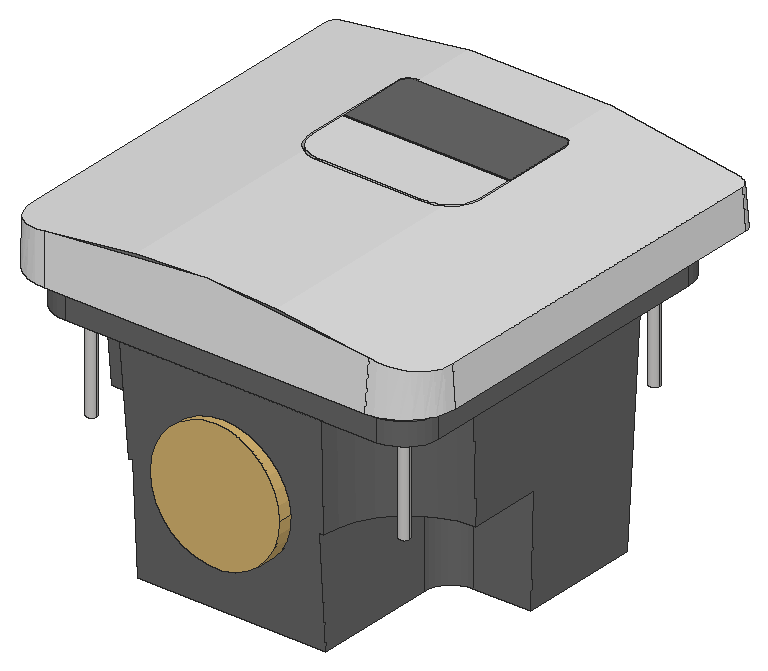
Revit family "Plumbing-Flushometer-Sloan-Valve-TRF-8156_", category Plumbing Fixtures, host Face, Revit 2019
Family settings
  Host = Face
  Round Connector Dimension = Use Diameter
  Part Type = Normal
  OmniClass Number = 23.45.05.14.99
  OmniClass Title = Other Sanitary Washing Plumbing Fixtures
  Cut with Voids When Loaded = Yes
  Shared = No
  Room Calculation Point = No
Parameters (values of type "TRF 8156-1.1-OR")
  z_CL Offset [instance] = if(CL to Finished Wall < MIN CL to Finished Wall, MIN CL to Finished Wall, if(CL to Finished Wall > MAX CL to Finished Wall, MAX CL to Finished Wall, CL to Finished Wall))  # 2"
  z_Array Length = 0"  # constant formula
  Water Outlet Connection Diameter = 1 1/2"  # constant formula
  Water Inlet Connection Diameter = 1 1/2"  # constant formula
  Waste Connection = no
  WFU = 0
  Voltage = 6 V
  Vent Connection = no
  Valve Pressure Drop = 0.00 psi
  URL = "www.sloanvalve.com"
  Type Comments = ""
  Product data url = "https://bimobject.com/sloan_valve/product/flushometers_truflush_trf-8156"
  Product Material = Sloan Valve - Finish - Polished Chrome
  Product Guid = ""
  Power Factor = 1
  Part Number = "34001005"
  Operating Water Pressure = "15 – 80 PSI (103 – 552 kPa)"  # constant formula
  Number of Poles = 1
  z_Array Count = if(z_Hardwired, 3, 2)  # 3
  Model = "TRF 8156-1.1-OR"
  Manufacturer = "Sloan Valve"  # constant formula
  MIN CL to Finished Wall [instance] = 2"  # constant formula
  MAX CL to Finished Wall [instance] = 3"  # constant formula
  Keynote = "15410"
  Height = 6 51/256"  # constant formula
  z_Hardwired = yes
  HWFU = 0
  HW Connection = no
  Flush Rate = "1.1 gpf (4.2 Lpf)"
  Edition number = 1
  Description = "1.1 gpf, Filtered, Polished Chrome Finish, Fixture Connection Rear Spud, Single Flush, Integrated Control Stop, Electrical Override, Battery with Hardwired Option, Sensor-Operated, TruFlush Concealed Sensor Water Closet Flushometer."
  Default Elevation = 0"
  Current = 0 A
  CWFU = 0
  CW Connection = yes
  CL to Finished Wall [instance] = 2"
  Assembly Code = "D2020300"
  Apparent Load = Voltage * Current  # 0 VA
  ADA Compliant [instance] = yes
Types (6): name | Voltage | Product Material | Part Number | z_Array Count | Model | z_Hardwired | Flush Rate | Description
  TRF 8156-1.1-OR | 6 V | Sloan Valve - Finish - Polished Chrome | "34001005" | 3 | "TRF 8156-1.1-OR" | yes | "1.1 gpf (4.2 Lpf)" | "1.1 gpf, Filtered, Polished Chrome Finish, Fixture Connection Rear Spud, Single Flush, Integrated Control Stop, Electrical Override, Battery with Hardwired Option, Sensor-Operated, TruFlush Concealed Sensor Water Closet Flushometer."
  TRF 8156-1.1-SF-OR | 6 V | Sloan Valve - Finish - Brushed Stainless Steel | "34001006" | 3 | "TRF 8156-1.1-SF-OR" | yes | "1.1 gpf (4.2 Lpf)" | "1.1 gpf, Filtered, Brushed Stainless Finish, Fixture Connection Rear Spud, Single Flush, Integrated Control Stop, Electrical Override, Battery with Hardwired Option, Sensor-Operated, TruFlush Concealed Sensor Water Closet Flushometer."
  TRF 8156-1.28-SF-OR | 0 V | Sloan Valve - Finish - Brushed Stainless Steel | "3400116" | 2 | "TRF 8156-1.28-SF-OR" | no | "1.28 gpf (4.8 Lpf)" | "1.28 gpf, Filtered, Brushed Stainless Finish, Fixture Connection Rear Spud, Single Flush, Electrical Override, Battery, TruFlush Concealed Sensor Water Closet Flushometer."
  TRF 8156-1.6-SF-OR | 0 V | Sloan Valve - Finish - Brushed Stainless Steel | "3400115" | 2 | "TRF 8156-1.6-SF-OR" | no | "1.6 gpf (6.0 Lpf)" | "1.6 gpf, Filtered, Brushed Stainless Finish, Fixture Connection Rear Spud, Single Flush, Electrical Override, Battery, TruFlush Concealed Sensor Water Closet Flushometer."
  TRF 8156-1.28-OR | 0 V | Sloan Valve - Finish - Polished Chrome | "3400101" | 2 | "TRF 8156-1.28-OR" | no | "1.28 gpf (4.8 Lpf)" | "1.28 gpf, Filtered, Polished Chrome Finish, Fixture Connection Rear Spud, Single Flush, Electrical Override, Battery, TruFlush Concealed Sensor Water Closet Flushometer."
  TRF 8156-1.6-OR | 0 V | Sloan Valve - Finish - Polished Chrome | "3400100" | 2 | "TRF 8156-1.6-OR" | no | "1.6 gpf (6.0 Lpf)" | "1.6 gpf, Filtered, Polished Chrome Finish, Fixture Connection Rear Spud, Single Flush, Electrical Override, Battery, TruFlush Concealed Sensor Water Closet Flushometer."
Reference planes (in)
  plane 1 "Center (Front/Back)": y = 0
  plane 2: z = 0
  plane 3 "Center (Left/Right)": x = 0
  plane 4 "Hardwired": y = 1.503
  plane 5: x = 0
  plane 6: y = 3.1
  plane 7: y = -3.1
  plane 8: x = -3.1
  plane 9: x = 3.1
  plane 10 "Valve Center": z = -2
  plane 11: z = -3.90039
Forms (in)
  Extrusion 1, solid, material "Sloan Valve - Plastic - Black"
    sketch origin (0, 0, 0) x (1, 0, 0) y (0, 1, 0)
      loop
        circle (0, 1.503) r 0.125
    from 0 to 0.07498
  Extrusion 2, solid, material "Sloan Valve - Plastic - Black"
    sketch origin (0, 0, 0) x (1, 0, 0) y (0, 1, 0)
      loop
        circle (0, 1.503) r 0.125
    from 0 to 0.07498
  Extrusion 3, solid, material "Sloan Valve - Plastic - Black"
    sketch origin (0, 0, 0) x (1, 0, 0) y (0, 1, 0)
      loop
        circle (0, 1.503) r 0.125
    from 0 to 0.07498
  Extrusion 4, void
    sketch origin (0, 0, 0) x (1, 0, 0) y (0, 1, 0)
      loop
        line (3.0392, -2.34612) -> (3.0392, 2.91522)
        arc (3.0392, 2.91522) -> (3.00335, 3.00177) -> (2.91681, 3.03761) r 0.12239
        line (2.91681, 3.03761) -> (-2.92297, 3.03761)
        arc (-2.92297, 3.03761) -> (-3.00515, 3.00357) -> (-3.0392, 2.92138) r 0.11623
        line (-3.0392, 2.92138) -> (-3.0392, -2.34612)
        arc (-3.0392, -2.34612) -> (-2.83843, -2.83082) -> (-2.35373, -3.03159) r 0.68547
        line (-2.35373, -3.03159) -> (2.35373, -3.03159)
        arc (2.35373, -3.03159) -> (2.83843, -2.83082) -> (3.0392, -2.34612) r 0.68547
    from 0 to -3.90039
Cuts and joins
  Extrusion 4 cuts Extrusion 1
  Extrusion 4 cuts Extrusion 2
  Extrusion 4 cuts Extrusion 3
Lines and regions (in)
  model lines, not visible
    curve 1: line (0, 1.378, 0) -> (0, 1.628, 0)
    curve 2: line (-0.125, 1.503, 0) -> (0.125, 1.503, 0)
    curve 3: line (0, 1.378, 0) -> (0, 1.628, 0)
    curve 4: line (-0.125, 1.503, 0) -> (0.125, 1.503, 0)
    curve 5: line (0, 1.378, 0) -> (0, 1.628, 0)
    curve 6: line (-0.125, 1.503, 0) -> (0.125, 1.503, 0)
Dimensions and locks (in)
  equal spacing: group 1, group 2, group 3  (x3)
  "z_Array Length": plane 3 "Center (Left/Right)" to plane 5
  "z_CL Offset": plane 10 "Valve Center" to level
  locked: plane 10 "Valve Center" to plane 11 at 1.90039
  radius of Extrusion 1 sketch curve = 1/8"
  radius of Extrusion 2 sketch curve = 1/8"
  radius of Extrusion 3 sketch curve = 1/8"
  aligned and locked: plane 2 to host face
  aligned and locked: level to host face
  aligned and locked: plane 3 "Center (Left/Right)" to nested 1
  aligned and locked: plane 1 "Center (Front/Back)" to nested 1
  aligned and locked: curve 2 to plane 4 "Hardwired"
  aligned and locked: curve 4 to plane 4 "Hardwired"
  aligned and locked: plane 3 "Center (Left/Right)" to curve 1
  aligned and locked: curve 3 to plane 5
  aligned and locked: Extrusion 4 to plane 11
Automatic sketch dimensions
  host sketch curve to host sketch curve = 96"  (x2)
  curve 2 to curve 1 = 1/8"  (x2)
  curve 1 to curve 2 = 1/8"  (x2)
  curve 4 to curve 3 = 1/8"  (x2)
  curve 3 to curve 4 = 1/8"  (x2)
  curve 6 to curve 5 = 1/8"  (x2)
  curve 5 to curve 6 = 1/8"  (x2)
  Extrusion 4 sketch curve to plane 8 = 0.0608"
  Extrusion 4 sketch curve to Extrusion 4 sketch curve = 0.11623"
  Extrusion 4 sketch curve to Extrusion 4 sketch curve = 0.68547"
  Extrusion 4 sketch curve to plane 9 = 0.74627"
  Extrusion 4 sketch curve to plane 9 = 0.18319"
  Extrusion 4 sketch curve to plane 9 = 0.0608"
  plane 7 to Extrusion 4 sketch curve = 0.06841"
  Extrusion 4 sketch curve to plane 6 = 0.18478"
Nested families (in)
  nested 1: "Geometry" at (0, 0, 0), type "Geometry"
Connectors (in)
  electrical at (0, 1.503, 0), driven by "Number of Poles", driven by "Voltage", driven by "Apparent Load", driven by "Power Factor"
    settings: on Extrusion 3, index 1, voltage 6 V, apparent load 0 VA, apparent load phase1 0 VA, apparent load phase2 0 VA, apparent load phase3 0 VA, power factor 1, load classification "Other", number of poles 1, system type 31, power factor state 1, is connector primary yes, connector utility no, sub classification motor no, connector description "Electrical Connection"
  piping at (0, 3.781, -2), diameter 1.5, driven by "CWFU", driven by "Water Inlet Connection Diameter", driven by "Valve Pressure Drop"
    settings: on nested 1, index 2, connector inside diameter 24", connector length 0", flow factor 0, pipe flow 0 GPM, pressure drop 0.00 psi, fitting loss kfactor 0, connector angle 0.00°, fixture units 0, engagement length 0", angle of deflection 0.00°, flow configuration 3, flow direction 1, fitting loss method 0, system type 20, joint type 0, gender type 0, connector reference index 3, connector utility 0, adjustable connector no, is connector primary yes, connector description "1-1/2” NPT (female) Inlet standard"
  piping at (0, -2.9, -2), diameter 1.5, driven by "Water Outlet Connection Diameter", driven by "CWFU"
    settings: on nested 1, index 3, connector inside diameter 24", connector length 0", flow factor 0, pipe flow 0 GPM, pressure drop 0.00 psi, fitting loss kfactor 0, connector angle 0.00°, fixture units 0, engagement length 0", angle of deflection 0.00°, flow configuration 3, flow direction 2, fitting loss method 0, system type 20, joint type 0, gender type 0, connector reference index 2, connector utility 0, adjustable connector no, is connector primary no, connector description "1-1/2” NPSM Outlet standard"
Definition of nested family "Geometry"
  Parameters (values of type "Geometry")
    Valve Offset = 2"
    URL = ""
    Product Material = none
    Offset = Valve Offset - 1.8"  # 0.2"
    Model = ""
    Manufacturer = ""
    Keynote = ""
    Description = ""
    Default Elevation = 0"
    Assembly Code = ""
  Reference planes (in)
    plane 1 "Center (Front/Back)": y = 0
    plane 2: z = 0
    plane 3 "Center (Left/Right)": x = 0
    plane 4: x = -3.1
    plane 5: x = 3.1
    plane 6: y = -3.1
    plane 7: y = 3.1
    plane 8 "Bottom Part": z = -0.2
    plane 9 "Button": y = 1.503
  Forms (in)
    Extrusion 1, solid
      sketch origin (0, 0, 0) x (1, 0, 0) y (0, 1, 0)
        loop
          line (-48, 48) -> (-48, -48) -> (48, -48) -> (48, 48) -> (-48, 48)
      from 0 to -12
    SweptBlend 2, solid, material <- "Product Material"
      path origin (0, 0, 0) x (0, 1, 0) y (0, 0, 1)
        loop
          line (0, 0) -> (0, 0.95)
      profile origin (0, 0, 0) x (0, -1, 0) y (1, 0, 0)
        loop
          arc (2.35, -3.1) -> (2.88033, -2.88033) -> (3.1, -2.35) r 0.75
          line (3.1, -2.35) -> (3.1, 2.35)
          arc (3.1, 2.35) -> (2.88033, 2.88033) -> (2.35, 3.1) r 0.75
          line (2.35, 3.1) -> (-2.975, 3.1)
          arc (-2.975, 3.1) -> (-3.06339, 3.06339) -> (-3.1, 2.975) r 0.125
          line (-3.1, 2.975) -> (-3.1, -2.975)
          arc (-3.1, -2.975) -> (-3.06339, -3.06339) -> (-2.975, -3.1) r 0.125
          line (-2.975, -3.1) -> (2.35, -3.1)
      end profile origin (0, 0, 0.95) x (0, -1, 0) y (1, 0, 0)
        loop
          arc (2.392, -3.052) -> (2.85869, -2.85869) -> (3.052, -2.392) r 0.66
          line (3.052, -2.392) -> (3.052, 2.392)
          arc (3.052, 2.392) -> (2.85869, 2.85869) -> (2.392, 3.052) r 0.66
          line (2.392, 3.052) -> (-2.929, 3.052)
          arc (-2.929, 3.052) -> (-3.01597, 3.01597) -> (-3.052, 2.929) r 0.123
          line (-3.052, 2.929) -> (-3.052, -2.929)
          arc (-3.052, -2.929) -> (-3.01597, -3.01597) -> (-2.929, -3.052) r 0.123
          line (-2.929, -3.052) -> (2.392, -3.052)
    Extrusion 3, void
      sketch origin (0, 6, 0) x (1, 0, 0) y (0, 0, 1)
        loop
          line (3.1, 0.57778) -> (3.1, 1.19077) -> (-3.1, 1.19077) -> (-3.1, 0.57778)
          arc (-3.1, 0.57778) -> (0, 0.93763) -> (3.1, 0.57778) r 13.53263
      from 2.9 to 9.1
    Extrusion 4, void
      sketch origin (0, 3.052, 0.95) x (1, 0, 0) y (0, -1, 0)
        loop
          line (0.728, 3.14) -> (-0.728, 3.14)
          arc (-0.728, 3.14) -> (-1.09145, 2.98945) -> (-1.242, 2.626) r 0.514
          line (-1.242, 2.626) -> (-1.242, 1.049)
          arc (-1.242, 1.049) -> (-1.20275, 0.95425) -> (-1.108, 0.915) r 0.134
          line (-1.108, 0.915) -> (1.108, 0.915)
          arc (1.108, 0.915) -> (1.20275, 0.95425) -> (1.242, 1.049) r 0.134
          line (1.242, 1.049) -> (1.242, 2.626)
          arc (1.242, 2.626) -> (1.09145, 2.98945) -> (0.728, 3.14) r 0.514
      from 0 to 0.183
    Extrusion 5, solid
      sketch origin (0, 0, 0) x (1, 0, 0) y (0, 1, 0)
        loop
          line (-1.22397, 2.003) -> (-1.22397, 1.003) -> (1.224, 1.003) -> (1.224, 2.003)
          arc (1.224, 2.003) -> (1.18475, 2.09775) -> (1.09, 2.137) r 0.134
          line (1.09, 2.137) -> (-1.08997, 2.137)
          arc (-1.08997, 2.137) -> (-1.18472, 2.09775) -> (-1.22397, 2.003) r 0.134
      from 0.767 to 0.96878
    Extrusion 6, solid, material <- "Product Material"
      sketch origin (0, 0, 0) x (1, 0, 0) y (0, 1, 0)
        loop
          line (-1.22397, 0.97) -> (-1.22397, 0.454)
          arc (-1.22397, 0.454) -> (-1.07664, 0.09833) -> (-0.72097, -0.049) r 0.503
          line (-0.72097, -0.049) -> (0.721, -0.049)
          arc (0.721, -0.049) -> (1.07667, 0.09833) -> (1.224, 0.454) r 0.503
          line (1.224, 0.454) -> (1.224, 0.97) -> (-1.22397, 0.97)
      from 0.767 to 0.97972
    Extrusion 7, solid
      sketch origin (0, 0, -0.2) x (0, -1, 0) y (1, 0, 0)
        loop
          arc (-2.8, -2.3) -> (-2.65355, -2.65355) -> (-2.3, -2.8) r 0.5
          line (-2.3, -2.8) -> (2.3, -2.8)
          arc (2.3, -2.8) -> (2.65355, -2.65355) -> (2.8, -2.3) r 0.5
          line (2.8, -2.3) -> (2.8, 2.3)
          arc (2.8, 2.3) -> (2.65355, 2.65355) -> (2.3, 2.8) r 0.5
          line (2.3, 2.8) -> (-2.3, 2.8)
          arc (-2.3, 2.8) -> (-2.65355, 2.65355) -> (-2.8, 2.3) r 0.5
          line (-2.8, 2.3) -> (-2.8, -2.3)
      from 0 to -0.331
    SweptBlend 8, solid
      path origin (0, 0, 0) x (0, 1, 0) y (0, 0, 1)
        loop
          line (0, -0.531) -> (0, -3.7)
      profile origin (0, 0, -0.531) x (1, 0, 0) y (0, 1, 0)
        loop
          arc (1.487, -2.8) -> (1.84989, -1.92389) -> (2.726, -1.561) r 1.239
          line (2.726, -1.561) -> (2.726, 1.487)
          arc (2.726, 1.487) -> (1.84989, 1.84989) -> (1.487, 2.726) r 1.239
          line (1.487, 2.726) -> (-1.487, 2.726)
          arc (-1.487, 2.726) -> (-1.84989, 1.84989) -> (-2.726, 1.487) r 1.239
          line (-2.726, 1.487) -> (-2.726, -1.561)
          arc (-2.726, -1.561) -> (-1.84989, -1.92389) -> (-1.487, -2.8) r 1.239
          line (-1.487, -2.8) -> (1.487, -2.8)
      end profile origin (0, 0, -3.7) x (1, 0, 0) y (0, 1, 0)
        loop
          arc (2.618, 1.379) -> (1.74189, 1.74189) -> (1.379, 2.618) r 1.239
          line (1.379, 2.618) -> (-1.379, 2.618)
          arc (-1.379, 2.618) -> (-1.74189, 1.74189) -> (-2.618, 1.379) r 1.239
          line (-2.618, 1.379) -> (-2.618, -1.359)
          arc (-2.618, -1.359) -> (-1.74189, -1.72189) -> (-1.379, -2.598) r 1.239
          line (-1.379, -2.598) -> (1.379, -2.598)
          arc (1.379, -2.598) -> (1.74189, -1.72189) -> (2.618, -1.359) r 1.239
          line (2.618, -1.359) -> (2.618, 1.379)
    Extrusion 9, void
      sketch origin (0, 0, -0.2) x (0, -1, 0) y (1, 0, 0)
        loop
          line (0.385, -3.1) -> (3.68016, -3.1) -> (3.68016, 3.1) -> (0.385, 3.1) -> (0.385, 1.779)
          arc (0.385, 1.779) -> (0.50216, 1.49616) -> (0.785, 1.379) r 0.4
          line (0.785, 1.379) -> (2.835, 1.379) -> (2.835, -1.379) -> (0.785, -1.379)
          arc (0.785, -1.379) -> (0.50216, -1.49616) -> (0.385, -1.779) r 0.4
          line (0.385, -1.779) -> (0.385, -3.1)
      from -1.9 to -3.5
    Extrusion 10, solid
      sketch origin (0, 0, 0) x (1, 0, 0) y (0, 1, 0)
        loop
          circle (-2.298, 2.298) r 0.075
        loop
          circle (2.298, 2.298) r 0.075
        loop
          circle (-2.298, -2.298) r 0.075
        loop
          circle (2.298, -2.298) r 0.075
      from 0 to -2
    Extrusion 11, solid
      sketch origin (0, 0, 0) x (1, 0, 0) y (0, 1, 0)
        loop
          line (-2.06091, 2.70093) -> (-2.34152, 2.68623) -> (-2.68447, 2.35504) -> (-2.69983, 2.06201)
          arc (-2.69983, 2.06201) -> (-2.52368, 1.84978) -> (-2.25448, 1.90977) r 0.26441
          line (-2.25448, 1.90977) -> (-1.91153, 2.24096)
          arc (-1.91153, 2.24096) -> (-1.84253, 2.51761) -> (-2.06091, 2.70093) r 0.26906
        loop
          arc (2.06091, 2.70093) -> (1.84253, 2.51761) -> (1.91153, 2.24096) r 0.26906
          line (1.91153, 2.24096) -> (2.25448, 1.90977)
          arc (2.25448, 1.90977) -> (2.52368, 1.84978) -> (2.69983, 2.06201) r 0.26441
          line (2.69983, 2.06201) -> (2.68447, 2.35504) -> (2.34152, 2.68623) -> (2.06091, 2.70093)
        loop
          arc (-2.06091, -2.70093) -> (-1.84253, -2.51761) -> (-1.91153, -2.24096) r 0.26906
          line (-1.91153, -2.24096) -> (-2.25448, -1.90977)
          arc (-2.25448, -1.90977) -> (-2.52368, -1.84978) -> (-2.69983, -2.06201) r 0.26441
          line (-2.69983, -2.06201) -> (-2.68447, -2.35504) -> (-2.34152, -2.68623) -> (-2.06091, -2.70093)
        loop
          line (2.06091, -2.70093) -> (2.34152, -2.68623) -> (2.68447, -2.35504) -> (2.69983, -2.06201)
          arc (2.69983, -2.06201) -> (2.52368, -1.84978) -> (2.25448, -1.90977) r 0.26441
          line (2.25448, -1.90977) -> (1.91153, -2.24096)
          arc (1.91153, -2.24096) -> (1.84253, -2.51761) -> (2.06091, -2.70093) r 0.26906
      from 0 to -0.107
    Extrusion 12, solid
      sketch origin (0, 0, 0) x (1, 0, 0) y (0, 1, 0)
        loop
          arc (0.2805, 2.6767) -> (0, 2.7) -> (-0.2805, 2.6767) r 1.7
          arc (-0.2805, 2.6767) -> (-0.33124, 2.65921) -> (-0.36564, 2.618) r 0.1
          arc (-0.36564, 2.618) -> (-0.51507, 2.56293) -> (-0.65837, 2.49344) r 1.619
          line (-0.65837, 2.49344) -> (-0.62128, 2.42567)
          arc (-0.62128, 2.42567) -> (-0.47818, 2.4974) -> (-0.32823, 2.55342) r 1.494
          arc (-0.32823, 2.55342) -> (-0.30117, 2.58965) -> (-0.25987, 2.6081) r 0.08982
          arc (-0.25987, 2.6081) -> (0, 2.62969) -> (0.25988, 2.6081) r 1.575
          arc (0.25988, 2.6081) -> (0.30117, 2.58965) -> (0.32823, 2.55342) r 0.08982
          arc (0.32823, 2.55342) -> (0.47818, 2.4974) -> (0.62128, 2.42567) r 1.494
          line (0.62128, 2.42567) -> (0.65837, 2.49344)
          arc (0.65837, 2.49344) -> (0.51507, 2.56293) -> (0.36564, 2.618) r 1.619
          arc (0.36564, 2.618) -> (0.33124, 2.65921) -> (0.2805, 2.6767) r 0.1
      from 0 to -0.5
    Extrusion 13, void
      sketch origin (0, 0, 0) x (1, 0, 0) y (0, 1, 0)
        loop
          spline (3.0392, 2.92138) -> (3.0372, 2.93697) -> (3.03331, 2.95218) -> (3.02759, 2.96676) -> (3.02013, 2.98049) -> (3.01105, 2.99314) -> (3.00049, 3.00452) -> (2.98862, 3.01444) -> (2.97563, 3.02275) -> (2.96173, 3.02931) -> (2.94714, 3.03402) -> (2.93208, 3.0368) -> (2.91681, 3.03761)
          line (2.91681, 3.03761) -> (-2.91681, 3.03761)
          spline (-2.91681, 3.03761) -> (-2.93208, 3.0368) -> (-2.94714, 3.03402) -> (-2.96173, 3.02931) -> (-2.97563, 3.02275) -> (-2.98862, 3.01444) -> (-3.00049, 3.00452) -> (-3.01105, 2.99314) -> (-3.02013, 2.98049) -> (-3.02759, 2.96676) -> (-3.03331, 2.95218) -> (-3.0372, 2.93697) -> (-3.0392, 2.92138)
          line (-3.0392, 2.92138) -> (-3.0392, -2.36971)
          spline (-3.0392, -2.36971) -> (-3.02997, -2.45784) -> (-3.00977, -2.544) -> (-2.97892, -2.62678) -> (-2.93794, -2.70484) -> (-2.88748, -2.77691) -> (-2.82838, -2.84181) -> (-2.76158, -2.89848) -> (-2.68819, -2.946) -> (-2.60939, -2.9836) -> (-2.52647, -3.01066) -> (-2.44079, -3.02674) -> (-2.35373, -3.03159)
          line (-2.35373, -3.03159) -> (2.35373, -3.03159)
          spline (2.35373, -3.03159) -> (2.44079, -3.02674) -> (2.52647, -3.01066) -> (2.60939, -2.9836) -> (2.68819, -2.946) -> (2.76158, -2.89848) -> (2.82838, -2.84181) -> (2.88748, -2.77691) -> (2.93794, -2.70484) -> (2.97892, -2.62678) -> (3.00977, -2.544) -> (3.02997, -2.45784) -> (3.0392, -2.36971)
          line (3.0392, -2.36971) -> (3.0392, 2.92138)
      from 0 to 0.07498
    Extrusion 14, solid
      sketch origin (0, 0, 0) x (1, 0, 0) y (0, 1, 0)
        loop
          spline (-2.91681, 3.03761) -> (-2.93208, 3.0368) -> (-2.94714, 3.03402) -> (-2.96173, 3.02931) -> (-2.97563, 3.02275) -> (-2.98862, 3.01444) -> (-3.00049, 3.00452) -> (-3.01105, 2.99314) -> (-3.02013, 2.98049) -> (-3.02759, 2.96676) -> (-3.03331, 2.95218) -> (-3.0372, 2.93697) -> (-3.0392, 2.92138)
          line (-3.0392, 2.92138) -> (-3.0392, -2.36971)
          spline (-3.0392, -2.36971) -> (-3.02997, -2.45784) -> (-3.00977, -2.544) -> (-2.97892, -2.62678) -> (-2.93794, -2.70484) -> (-2.88748, -2.77691) -> (-2.82838, -2.84181) -> (-2.76158, -2.89848) -> (-2.68819, -2.946) -> (-2.60939, -2.9836) -> (-2.52647, -3.01066) -> (-2.44079, -3.02674) -> (-2.35373, -3.03159)
          line (-2.35373, -3.03159) -> (2.35373, -3.03159)
          spline (2.35373, -3.03159) -> (2.44079, -3.02674) -> (2.52647, -3.01066) -> (2.60939, -2.9836) -> (2.68819, -2.946) -> (2.76158, -2.89848) -> (2.82838, -2.84181) -> (2.88748, -2.77691) -> (2.93794, -2.70484) -> (2.97892, -2.62678) -> (3.00977, -2.544) -> (3.02997, -2.45784) -> (3.0392, -2.36971)
          line (3.0392, -2.36971) -> (3.0392, 2.92138)
          spline (3.0392, 2.92138) -> (3.0372, 2.93697) -> (3.03331, 2.95218) -> (3.02759, 2.96676) -> (3.02013, 2.98049) -> (3.01105, 2.99314) -> (3.00049, 3.00452) -> (2.98862, 3.01444) -> (2.97563, 3.02275) -> (2.96173, 3.02931) -> (2.94714, 3.03402) -> (2.93208, 3.0368) -> (2.91681, 3.03761)
          line (2.91681, 3.03761) -> (-2.91681, 3.03761)
      from 0 to 0.07498
    Extrusion 15, solid
      sketch origin (0, 0, 0) x (1, 0, 0) y (0, 0, 1)
        loop
          circle (0, -2) r 0.95
      from 2.9 to -3.781
    Revolve 16, void
      sketch origin (0, 0, 0) x (0, 1, 0) y (0, 0, 1)
        loop
          line (2.75223, -1.05) -> (3.97258, -1.08891) -> (3.97258, -0.83891) -> (2.75223, -0.83891) -> (2.75223, -1.05)
        axis (3.97258, -2) -> (2.75223, -2)
      angle from 0 to 360
    Revolve 17, solid
      sketch origin (0, 0, 0) x (0, 1, 0) y (0, 0, 1)
        loop
          line (-1, -3.9) -> (-0.45, -3.9)
          arc (-0.45, -3.9) -> (-0.32272, -3.84728) -> (-0.27, -3.72) r 0.18
          line (-0.27, -3.72) -> (-0.27, -1.7) -> (0.39, -1.7) -> (0.39, -0.1) -> (-1, -0.1) -> (-1, -3.9)
        axis (-1, -3.9) -> (-1, -0.1)
      angle from 0 to 360
  Cuts and joins
    Extrusion 3, Extrusion 4, Extrusion 13 cuts SweptBlend 2
    Extrusion 3 cuts Extrusion 5
    Extrusion 3 cuts Extrusion 6
    Extrusion 9 cuts SweptBlend 8
    joined: Extrusion 11, Extrusion 12, Extrusion 14
    Revolve 16 cuts Extrusion 15
    joined: Extrusion 15, Revolve 17
  Lines and regions (in)
    Masking region 1
      outline origin (0, 0, 0) x (1, 0, 0) y (0, 0, 1)
        loop
          line (-2.8, -0.2) -> (-2.8, -0.531) -> (-2.726, -0.531) -> (-2.618, -3.7) -> (-0.72989, -3.7)
          arc (-0.72989, -3.7) -> (-0.69151, -3.83837) -> (-0.5612, -3.89867) r 0.17095
          line (-0.5612, -3.89867) -> (0.54249, -3.89867)
          arc (0.54249, -3.89867) -> (0.68297, -3.84048) -> (0.74116, -3.7) r 0.19867
          line (0.74116, -3.7) -> (2.618, -3.7) -> (2.726, -0.531) -> (2.8, -0.531) -> (2.8, -0.2) -> (2.373, -0.2) -> (2.373, -0.107) -> (2.69983, -0.107) -> (2.69983, 0) -> (3.1, 0) -> (3.07046, 0.58469)
          arc (3.07046, 0.58469) -> (0, 0.93763) -> (-3.07046, 0.58469) r 13.53263
          line (-3.07046, 0.58469) -> (-3.1, 0) -> (-2.69983, 0) -> (-2.69983, -0.107) -> (-2.373, -0.107) -> (-2.373, -0.2) -> (-2.8, -0.2)
        loop
          line (-1.39, -0.1) -> (-0.65837, -0.1) -> (-0.65837, 0) -> (-1.82937, 0) -> (-1.82937, -0.107) -> (-2.223, -0.107) -> (-2.223, -0.2) -> (-1.39, -0.2) -> (-1.39, -0.1)
        loop
          line (1.39, -0.1) -> (1.39, -0.2) -> (2.223, -0.2) -> (2.223, -0.107) -> (1.82937, -0.107) -> (1.82937, 0) -> (0.65837, 0) -> (0.65837, -0.1) -> (1.39, -0.1)
    symbolic lines, detail levels medium+fine
      curve 1: circle (0, 0, -2) r 0.95 normal (0, -1, 0)
      curve 4: line (-2.8, 0, -0.531) -> (2.8, 0, -0.531)
      curve 5: line (2.8, 0, -0.2) -> (-2.8, 0, -0.2)
      curve 9: line (-2.618, 0, -3.7) -> (2.618, 0, -3.7)
      curve 13: line (-2.223, 1.503, -2) -> (-2.373, 1.503, -2)
      curve 14: line (2.373, 1.503, -2) -> (2.223, 1.503, -2)
      curve 15: line (-2.373, 1.503, -2) -> (-2.373, 1.503, -0.531)
      curve 16: line (-2.223, 1.503, -2) -> (-2.223, 1.503, -0.531)
      curve 17: line (2.223, 1.503, -2) -> (2.223, 1.503, -0.531)
      curve 18: line (2.373, 1.503, -2) -> (2.373, 1.503, -0.531)
      curve 19: line (-3.1, 1.503, 0) -> (3.1, 1.503, 0)
    symbolic lines, detail levels fine
      curve 2: line (-1.487, 0, -0.531) -> (-1.43353, 0, -2.1)
      curve 3: line (1.43353, 0, -2.1) -> (1.487, 0, -0.531)
      curve 6: line (2.67253, 0, -2.1) -> (1.379, 0, -2.1)
      curve 7: line (-1.379, 0, -3.7) -> (-1.379, 0, -2.1)
      curve 8: line (1.379, 0, -2.1) -> (1.379, 0, -3.7)
      curve 10: line (-1.379, 0, -2.1) -> (-2.67253, 0, -2.1)
      curve 11: line (2.69983, 1.503, -0.107) -> (1.82937, 1.503, -0.107)
      curve 12: line (-1.82937, 1.503, -0.107) -> (-2.69983, 1.503, -0.107)
  Dimensions and locks (in)
    "Offset": level to plane 8 "Bottom Part"
    locked: plane 8 "Bottom Part" to SweptBlend 8 sketch curve at 3.5
    locked: plane 8 "Bottom Part" to SweptBlend 8 sketch curve at 0.331
    locked: plane 8 "Bottom Part" to Extrusion 15 sketch curve at 1.8
    locked: plane 8 "Bottom Part" to Revolve 16 sketch curve at 1.8
    Revolve 17 sketch curve to plane 8 "Bottom Part" = 0.1"
    locked: plane 8 "Bottom Part" to Revolve 17 sketch curve at 3.7
    locked: plane 8 "Bottom Part" to Revolve 17 sketch curve at 1.5
    locked: level to Extrusion 3 sketch curve at 1.19077
    locked: level to Extrusion 3 sketch curve at 0.57778  (x2)
    locked: Masking region 1 sketch curve to Masking region 1 sketch curve at 0.19867
    locked: plane 8 "Bottom Part" to Masking region 1 sketch curve at 3.5
    radius of Extrusion 3 sketch curve = 13.53263"
    aligned and locked: plane 2 to Extrusion 1
    aligned and locked: level to Extrusion 1
    aligned and locked: SweptBlend 2 sketch curve to plane 4
    aligned and locked: plane 7 to SweptBlend 2 sketch curve
    aligned and locked: plane 5 to SweptBlend 2 sketch curve
    aligned and locked: SweptBlend 2 sketch curve to plane 6
    aligned and locked: plane 3 "Center (Left/Right)" to Extrusion 15 sketch curve
    aligned and locked: Masking region 1 sketch curve to plane 8 "Bottom Part"  (x2)
    aligned and locked: Extrusion 7 to Masking region 1 sketch curve
    aligned and locked: Masking region 1 sketch curve to cut or joined group of SweptBlend 8, Extrusion 9  (x3)
    aligned and locked: Masking region 1 sketch curve to Extrusion 7  (x3)
    aligned and locked: Masking region 1 sketch curve to cut or joined group of Extrusion 15, Revolve 16, Revolve 17  (x2)
    aligned and locked: curve 1 to cut or joined group of Extrusion 15, Revolve 16, Revolve 17
    aligned and locked: curve 2 to cut or joined group of SweptBlend 8, Extrusion 9
    aligned and locked: curve 3 to cut or joined group of SweptBlend 8, Extrusion 9
    aligned and locked: curve 4 to Extrusion 7
    aligned and locked: curve 5 to Extrusion 7
    aligned and locked: curve 6 to cut or joined group of SweptBlend 8, Extrusion 9
    aligned and locked: curve 7 to cut or joined group of SweptBlend 8, Extrusion 9
    aligned and locked: curve 8 to cut or joined group of SweptBlend 8, Extrusion 9
    aligned and locked: curve 9 to cut or joined group of SweptBlend 8, Extrusion 9
    aligned and locked: curve 11 to cut or joined group of Extrusion 11, Extrusion 12, Extrusion 14
    aligned and locked: cut or joined group of Extrusion 11, Extrusion 12, Extrusion 14 to Masking region 1 sketch curve  (x5)
    aligned and locked: Extrusion 1 to Masking region 1 sketch curve  (x4)
    aligned and locked: Masking region 1 sketch curve to cut or joined group of SweptBlend 2, Extrusion 3, Extrusion 4, Extrusion 13
    aligned and locked: Masking region 1 sketch curve to cut or joined group of Extrusion 11, Extrusion 12, Extrusion 14
    aligned and locked: Extrusion 10 to curve 13
    aligned and locked: curve 12 to cut or joined group of Extrusion 11, Extrusion 12, Extrusion 14
    aligned and locked: level to curve 19
    aligned and locked: curve 14 to Extrusion 10
    aligned and locked: Extrusion 10 to curve 17
  Automatic sketch dimensions
    Extrusion 1 sketch curve to Extrusion 1 sketch curve = 96"  (x2)
    SweptBlend 2 sketch curve to plane 1 "Center (Front/Back)" = 0"
    SweptBlend 2 sketch curve to level = 0"
    level to SweptBlend 2 sketch curve = 0.95"
    SweptBlend 2 sketch curve to SweptBlend 2 sketch curve = 1/8"  (x2)
    SweptBlend 2 sketch curve to SweptBlend 2 sketch curve = 3/4"  (x2)
    profile plane to SweptBlend 2 sketch curve = 3.052"
    SweptBlend 2 sketch curve to SweptBlend 2 sketch curve = 0.123"  (x2)
    SweptBlend 2 sketch curve to profile plane = 2.392"  (x2)
    SweptBlend 2 sketch curve to SweptBlend 2 sketch curve = 0.66"
    SweptBlend 2 sketch curve to plane 3 "Center (Left/Right)" = 3.052"
    plane 3 "Center (Left/Right)" to SweptBlend 2 sketch curve = 2.392"
    plane 4 to Extrusion 3 sketch curve = 0"
    Extrusion 3 sketch curve to plane 3 "Center (Left/Right)" = 0"
    Extrusion 4 sketch curve to plane 3 "Center (Left/Right)" = 1.242"
    Extrusion 4 sketch curve to Extrusion 4 sketch curve = 0.134"  (x2)
    plane 1 "Center (Front/Back)" to Extrusion 4 sketch curve = 0.088"
    Extrusion 4 sketch curve to Extrusion 4 sketch curve = 0.514"
    plane 3 "Center (Left/Right)" to Extrusion 4 sketch curve = 0.728"
    plane 3 "Center (Left/Right)" to Extrusion 4 sketch curve = 1.108"
    plane 7 to Extrusion 4 sketch curve = 1.097"
    Extrusion 5 sketch curve to plane 3 "Center (Left/Right)" = 1.22397"
    Extrusion 5 sketch curve to Extrusion 5 sketch curve = 0.134"  (x2)
    plane 3 "Center (Left/Right)" to Extrusion 5 sketch curve = 1.09"
    Extrusion 5 sketch curve to plane 1 "Center (Front/Back)" = 1.003"
    Extrusion 5 sketch curve to Extrusion 5 sketch curve = 1"
    Extrusion 6 sketch curve to plane 3 "Center (Left/Right)" = 1.22397"
    Extrusion 6 sketch curve to Extrusion 6 sketch curve = 0.503"
    plane 1 "Center (Front/Back)" to Extrusion 6 sketch curve = 0.049"
    plane 3 "Center (Left/Right)" to Extrusion 6 sketch curve = 0.721"
    Extrusion 6 sketch curve to plane 1 "Center (Front/Back)" = 0.454"
    Extrusion 6 sketch curve to Extrusion 6 sketch curve = 0.516"
    plane 7 to Extrusion 7 sketch curve = 0.3"
    Extrusion 7 sketch curve to Extrusion 7 sketch curve = 1/2"  (x2)
    Extrusion 7 sketch curve to plane 4 = 0.3"
    plane 6 to Extrusion 7 sketch curve = 0.8"  (x2)
    Extrusion 7 sketch curve to plane 5 = 0.3"
    plane 6 to Extrusion 7 sketch curve = 0.3"
    SweptBlend 8 sketch curve to plane 1 "Center (Front/Back)" = 0"
    SweptBlend 8 sketch curve to plane 3 "Center (Left/Right)" = 2.726"
    SweptBlend 8 sketch curve to SweptBlend 8 sketch curve = 1.239"  (x6)
    plane 3 "Center (Left/Right)" to SweptBlend 8 sketch curve = 1.487"  (x2)
    profile plane to SweptBlend 8 sketch curve = 2.8"
    SweptBlend 8 sketch curve to profile plane = 1.487"
    SweptBlend 8 sketch curve to plane 3 "Center (Left/Right)" = 2.618"
    plane 3 "Center (Left/Right)" to SweptBlend 8 sketch curve = 1.379"  (x2)
    profile plane to SweptBlend 8 sketch curve = 2.598"
    SweptBlend 8 sketch curve to profile plane = 1.379"
    Extrusion 9 sketch curve to plane 4 = 0"
    Extrusion 9 sketch curve to plane 5 = 0"
    plane 1 "Center (Front/Back)" to Extrusion 9 sketch curve = 0.385"  (x2)
    Extrusion 9 sketch curve to Extrusion 9 sketch curve = 0.4"  (x2)
    plane 6 to Extrusion 9 sketch curve = 0.265"
    Extrusion 9 sketch curve to plane 6 = 0.58016"
    Extrusion 9 sketch curve to plane 4 = 1.321"
    plane 3 "Center (Left/Right)" to Extrusion 9 sketch curve = 1.379"
    Extrusion 9 sketch curve to Extrusion 9 sketch curve = 0"
    Extrusion 10 sketch curve to plane 4 = 0.802"  (x2)
    Extrusion 10 sketch curve to plane 5 = 0.802"  (x2)
    plane 6 to Extrusion 10 sketch curve = 0.802"  (x2)
    plane 7 to Extrusion 10 sketch curve = 0.802"  (x2)
    Extrusion 11 sketch curve to plane 4 = 0.40017"  (x2)
    Extrusion 11 sketch curve to Extrusion 11 sketch curve = 0.01536"  (x2)
    Extrusion 11 sketch curve to Extrusion 11 sketch curve = 0.26167"  (x4)
    Extrusion 11 sketch curve to Extrusion 11 sketch curve = 0.34295"  (x4)
    Extrusion 11 sketch curve to Extrusion 11 sketch curve = 0.18368"  (x4)
    Extrusion 11 sketch curve to Extrusion 11 sketch curve = 0.24309"  (x2)
    plane 7 to Extrusion 11 sketch curve = 0.39907"  (x2)
    Extrusion 11 sketch curve to Extrusion 11 sketch curve = 0.03753"  (x3)
    plane 6 to Extrusion 11 sketch curve = 0.39907"  (x2)
    plane 7 to Extrusion 11 sketch curve = 0.85904"
    Extrusion 11 sketch curve to Extrusion 11 sketch curve = 0.18691"  (x3)
    plane 6 to Extrusion 11 sketch curve = 0.85904"
    Extrusion 11 sketch curve to plane 5 = 1.18847"  (x2)
    Extrusion 11 sketch curve to Extrusion 11 sketch curve = 0.14938"  (x2)
    Extrusion 11 sketch curve to Extrusion 11 sketch curve = 0.28061"  (x2)
    Extrusion 11 sketch curve to Extrusion 11 sketch curve = 0.24632"  (x2)
    Extrusion 11 sketch curve to Extrusion 11 sketch curve = 0.01471"  (x4)
    Extrusion 11 sketch curve to Extrusion 11 sketch curve = 0.26643"
    Extrusion 11 sketch curve to Extrusion 11 sketch curve = 0.33118"  (x4)
    Extrusion 11 sketch curve to Extrusion 11 sketch curve = 0.25507"  (x2)
    Extrusion 11 sketch curve to Extrusion 11 sketch curve = 0.03796"  (x2)
    Extrusion 11 sketch curve to Extrusion 11 sketch curve = 0.79116"
    Extrusion 11 sketch curve to Extrusion 11 sketch curve = 0.15224"  (x2)
    Extrusion 11 sketch curve to Extrusion 11 sketch curve = 0.29303"  (x2)
    Extrusion 12 sketch curve to plane 3 "Center (Left/Right)" = 0"  (x2)
    Extrusion 12 sketch curve to plane 3 "Center (Left/Right)" = 0.11883"
    Extrusion 12 sketch curve to Extrusion 12 sketch curve = 0"  (x4)
    Extrusion 12 sketch curve to plane 3 "Center (Left/Right)" = 0.24505"
    Extrusion 12 sketch curve to Extrusion 12 sketch curve = 0.02943"  (x2)
    Extrusion 12 sketch curve to Extrusion 12 sketch curve = 0.3468"  (x2)
    Extrusion 12 sketch curve to Extrusion 12 sketch curve = 0.03709"  (x2)
    plane 3 "Center (Left/Right)" to Extrusion 12 sketch curve = 0.11883"
    plane 3 "Center (Left/Right)" to Extrusion 12 sketch curve = 0.24505"
    Extrusion 12 sketch curve to plane 1 "Center (Front/Back)" = 1"
    Extrusion 12 sketch curve to Extrusion 12 sketch curve = 7/128"  (x3)
    Extrusion 12 sketch curve to Extrusion 12 sketch curve = 0.0185"  (x2)
    plane 7 to Extrusion 12 sketch curve = 0.67433"  (x2)
    Extrusion 12 sketch curve to Extrusion 12 sketch curve = 0.06777"  (x2)
    Extrusion 12 sketch curve to Extrusion 12 sketch curve = 0.09384"  (x2)
    Extrusion 12 sketch curve to Extrusion 12 sketch curve = 0.05737"  (x2)
    Extrusion 12 sketch curve to Extrusion 12 sketch curve = 0.01461"
    Extrusion 12 sketch curve to Extrusion 12 sketch curve = 0.02062"
    Extrusion 12 sketch curve to Extrusion 12 sketch curve = 0.0374"
    Extrusion 12 sketch curve to Extrusion 12 sketch curve = 0.02063"
    Extrusion 13 sketch curve to plane 4 = 0.0608"
    plane 7 to Extrusion 13 sketch curve = 0.06239"
    Extrusion 13 sketch curve to Extrusion 13 sketch curve = 0.12239"
    Extrusion 13 sketch curve to plane 5 = 0.18319"
    Extrusion 13 sketch curve to plane 5 = 0.0608"
    Extrusion 13 sketch curve to Extrusion 13 sketch curve = 0.11623"  (x2)
    plane 6 to Extrusion 13 sketch curve = 0.73029"  (x2)
    Extrusion 13 sketch curve to Extrusion 13 sketch curve = 0.00139"  (x2)
    Extrusion 13 sketch curve to Extrusion 13 sketch curve = 0.12101"  (x2)
    plane 6 to Extrusion 13 sketch curve = 0.07583"
    Extrusion 13 sketch curve to plane 4 = 0.64028"
    Extrusion 13 sketch curve to Extrusion 13 sketch curve = 0.68267"  (x2)
    plane 6 to Extrusion 13 sketch curve = 0.06841"
    Extrusion 13 sketch curve to plane 5 = 0.74627"
    Extrusion 13 sketch curve to Extrusion 13 sketch curve = 0.10599"
    plane 7 to Extrusion 14 sketch curve = 0.06239"
    Extrusion 14 sketch curve to plane 4 = 0.18319"
    Extrusion 14 sketch curve to Extrusion 14 sketch curve = 0.00138"  (x2)
    Extrusion 14 sketch curve to Extrusion 14 sketch curve = 0.00139"  (x2)
    Extrusion 14 sketch curve to plane 4 = 0.0608"
    Extrusion 14 sketch curve to plane 5 = 0.18319"
    Extrusion 14 sketch curve to Extrusion 14 sketch curve = 0.00845"  (x2)
    Extrusion 14 sketch curve to plane 5 = 0.0608"
    plane 6 to Extrusion 14 sketch curve = 0.73029"  (x2)
    plane 6 to Extrusion 14 sketch curve = 0.07583"
    Extrusion 14 sketch curve to plane 4 = 0.64028"
    Extrusion 14 sketch curve to Extrusion 14 sketch curve = 0.68267"  (x2)
    plane 6 to Extrusion 14 sketch curve = 0.06841"
    Extrusion 14 sketch curve to plane 5 = 0.74627"
    Extrusion 14 sketch curve to Extrusion 14 sketch curve = 0.10599"
    plane 7 to Revolve 16 sketch curve = 0.34777"
    Revolve 16 sketch curve to plane 7 = 0.87258"
    Revolve 16 sketch curve to plane 8 "Bottom Part" = 0.85"
    plane 7 to Revolve 16 sketch curve = 1.069"
    Revolve 16 sketch curve to plane 7 = 0.681"
    Revolve 16 sketch curve to Revolve 16 sketch curve = 1/4"
    Revolve 16 sketch curve to Revolve 16 sketch curve = 0.21109"
    plane 1 "Center (Front/Back)" to Revolve 17 sketch curve = 1"
    plane 1 "Center (Front/Back)" to Revolve 17 sketch curve = 0.45"
    Revolve 17 sketch curve to Revolve 17 sketch curve = 0.18"
    Revolve 17 sketch curve to plane 1 "Center (Front/Back)" = 0.39"
    Revolve 17 sketch curve to Revolve 17 sketch curve = 0"
    Revolve 17 sketch curve to Revolve 17 sketch curve = 0.55341"
    Revolve 17 sketch curve to level = 0.25341"
    curve 10 to curve 1 = 0.1"
    curve 9 to plane 4 = 0.482"
    curve 10 to plane 4 = 0.42747"
    curve 5 to plane 4 = 0.3"
    curve 4 to plane 4 = 0.3"
    curve 9 to plane 5 = 0.482"
    curve 6 to plane 5 = 0.42747"
    curve 5 to plane 5 = 0.3"
    curve 4 to plane 5 = 0.3"
    Masking region 1 sketch curve to plane 8 "Bottom Part" = 0"
    Masking region 1 sketch curve to Masking region 1 sketch curve = 0.10017"  (x2)
    Masking region 1 sketch curve to Masking region 1 sketch curve = 0.87046"
    Masking region 1 sketch curve to Masking region 1 sketch curve = 0.43937"  (x2)
    Masking region 1 sketch curve to plane 3 "Center (Left/Right)" = 0.72989"
    Masking region 1 sketch curve to Masking region 1 sketch curve = 0.16869"
    plane 3 "Center (Left/Right)" to Masking region 1 sketch curve = 0.54249"
    Masking region 1 sketch curve to Masking region 1 sketch curve = 0.73163"
    Masking region 1 sketch curve to Masking region 1 sketch curve = 0.39363"
    Masking region 1 sketch curve to Masking region 1 sketch curve = 0.15"  (x2)
    Masking region 1 sketch curve to Masking region 1 sketch curve = 0.074"
    Masking region 1 sketch curve to Masking region 1 sketch curve = 0.1"
    Masking region 1 sketch curve to Masking region 1 sketch curve = 0.32683"
    plane 4 to Masking region 1 sketch curve = 0"
    Masking region 1 sketch curve to plane 5 = 0"
    Masking region 1 sketch curve to plane 4 = 0.02954"
    Masking region 1 sketch curve to plane 5 = 0.02954"
    curve 19 to plane 5 = 0"
    plane 4 to curve 19 = 0"
    curve 18 to plane 5 = 0.727"
    curve 16 to plane 4 = 0.877"
    curve 13 to curve 13 = 0.15"
    curve 11 to plane 5 = 0.40017"
    curve 18 to curve 17 = 0.15"
    curve 17 to curve 11 = 0.39363"
    curve 12 to curve 16 = 0.39363"
    curve 12 to plane 4 = 0.40017"
    curve 16 to plane 8 "Bottom Part" = 0.331"
    curve 15 to curve 16 = 0"
    curve 17 to plane 8 "Bottom Part" = 0.331"
    curve 18 to curve 17 = 0"
    radius of Extrusion 10 sketch curve = 0.075"  (x4)
    radius of Extrusion 15 sketch curve = 0.95"
